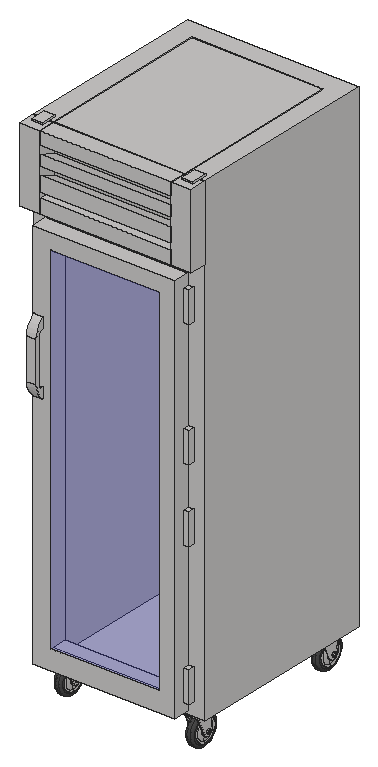
Revit family "QF_TRUE_STA1R-1G-HC", category Specialty Equipment, Revit 2017
Family settings
  Round Connector Dimension = Use Diameter
  Part Type = Normal
  Work Plane-Based = No
  Always vertical = Yes
  Cut with Voids When Loaded = No
  Shared = No
  Room Calculation Point = No
Parameters
  Weight in Pounds = 0
  Watts = if(Phase = 3, Volts * FL Amps * 1.73, Volts * FL Amps)  # 437 W
  Volts = 115 V
  URL Cutsheet = ""
  Specification by User = ""
  Specification by Manufacturer = ""
  Show Seismic Flange [instance] = no
  Show Legs [instance] = no
  Show Clearance [instance] = yes
  Show Casters [instance] = not(or(Show Legs, Show Seismic Flange))  # yes
  Serial Number = ""
  Seismic Rating = ""
  Seismic Flange [instance] = yes
  SMACNA No = ""
  Revision Code = ""
  Phase = 1
  Number of Poles = 1
  NAFEM Spec ID Number = ""
  Model = "STA1R-1G-HC"
  Min Ckt Ampacity = 0 A
  Max Overcurrent Protection = 0 A
  Masterspec = ""
  Manufacturer = "TRUE"
  Length = 27 1/2"
  Legs [instance] = yes
  Item Number = ""
  Installed By = ""
  Identify Quantity as Lot = yes
  Height [instance] = Body Height + Base Height  # 84.13097"
  HP = "1/4"
  Furnished By = ""
  Foodservice Equipment Identifier = yes
  FL Amps = 3.8 A
  Electrical Remarks = ""
  Electric Connection Type = ""
  Elec Conn RI Height = 0"
  Elec Conn Connection Height = 0"
  Description = "REACH-IN GLASS SWING DOOR REFRIGERATORS WITH HYDROCARBON REFRIGERANT"
  Depth = 33 3/4"
  Cycle = 60 Hz
  Conn Plug = "NEMA 5-15P"
  Conn Conduit = yes
  CSI MasterFormat = ""
  Body Height [instance] = 78.00597"
  Base Height [instance] = if(Show Casters, 6 1/8", if(Show Legs, 6", if(Show Seismic Flange, 6", 6 1/8")))  # 6 1/8"
  Apparent Power = if(Phase = 3, Volts * FL Amps * 1.73, Volts * FL Amps)  # 437 VA
Reference planes (in)
  plane 1 "BACK": y = 0
  plane 2: z = 0
  plane 3 "LEFT": x = 0
  plane 4 "RIGHT": x = 27.5
  plane 5 "FRONT": y = -33.75
  plane 6 "TOP": z = 6.125
  plane 7 "Center Y": x = 13.75
  plane 8 "Center X": y = -16.875
  plane 9: z = 84.13097
Dimensions and locks (in)
  equal spacing: plane 3 "LEFT", plane 7 "Center Y", plane 4 "RIGHT"
  "Length": plane 3 "LEFT" to plane 4 "RIGHT"
  equal spacing: plane 5 "FRONT", plane 8 "Center X", plane 1 "BACK"
  "Depth": plane 5 "FRONT" to plane 1 "BACK"
  "Base Height": plane 6 "TOP" to level
  "Body Height": plane 9 to plane 6 "TOP"
  plane 9 to plane 2 = 84.13097"
  aligned and locked: plane 2 to level
  aligned and locked: plane 6 "TOP" to nested 1
Nested families (in)
  nested 1: "STRA1R-1G-HC" at (0, 0, 0), Show Clearance <- "Show Clearance", type "STRA1R-1G-HC"
  nested 2: "6 INCHES 01_CASTER" at (3.17613, -28.92578, 0), Seismic Plate <- "Show Seismic Flange", Show 6" Casters <- "Show Casters", Show Legs <- "Show Legs", type "6 INCHES 01_CASTER"
    with Type Mark "", Status "", Specification by User "", Show Legs no, Show 6" Casters yes, Seismic Plate no, Revision Code "", Key Locks yes, Item Number "", Installed By "", Identify Quantity as Lot yes, Furnished By "", Foodservice Equipment Identifier yes
  nested 3: "6 INCHES 01_CASTER" at (3.17613, -3.70678, 0), Seismic Plate <- "Show Seismic Flange", Show 6" Casters <- "Show Casters", Show Legs <- "Show Legs", type "6 INCHES 01_CASTER"
    with Type Mark "", Status "", Specification by User "", Show Legs no, Show 6" Casters yes, Seismic Plate no, Revision Code "", Key Locks yes, Item Number "", Installed By "", Identify Quantity as Lot yes, Furnished By "", Foodservice Equipment Identifier yes
  nested 4: "6 INCHES 01_CASTER" at (24.32387, -28.92578, 0), Seismic Plate <- "Show Seismic Flange", Show 6" Casters <- "Show Casters", Show Legs <- "Show Legs", type "6 INCHES 01_CASTER"
    with Type Mark "", Status "", Specification by User "", Show Legs no, Show 6" Casters yes, Seismic Plate no, Revision Code "", Key Locks yes, Item Number "", Installed By "", Identify Quantity as Lot yes, Furnished By "", Foodservice Equipment Identifier yes
  nested 5: "6 INCHES 01_CASTER" at (24.32387, -3.70678, 0), Seismic Plate <- "Show Seismic Flange", Show 6" Casters <- "Show Casters", Show Legs <- "Show Legs", type "6 INCHES 01_CASTER"
    with Type Mark "", Status "", Specification by User "", Show Legs no, Show 6" Casters yes, Seismic Plate no, Revision Code "", Key Locks yes, Item Number "", Installed By "", Identify Quantity as Lot yes, Furnished By "", Foodservice Equipment Identifier yes
Connectors (in)
  electrical at (21.9001, 0.25, 82.52059), driven by "Volts", driven by "Watts"
    settings: on nested 1, index 1, voltage 115 V, apparent load 437 VA, apparent load phase1 0 VA, apparent load phase2 0 VA, apparent load phase3 0 VA, power factor 1, load classification "Other", number of poles 1, system type 30, power factor state 1, is connector primary yes, connector utility no, sub classification motor no, connector description "ELECTRICAL CONNECTION"
Definition of nested family "STRA1R-1G-HC"
  Parameters (values of type "STRA1R-1G-HC")
    Weight in Pounds = 0
    Watts = if(Phase = 3, Volts * FL Amps * 1.73, Volts * FL Amps)  # 1725 W
    Volts = 115 V
    URL Cutsheet = ""
    Specification by User = ""
    Specification by Manufacturer = ""
    Show Clearance [instance] = yes
    Serial Number = ""
    Seismic Rating = ""
    SMACNA No = ""
    Revision Code = ""
    Phase = 1
    Number of Poles = 1
    NAFEM Spec ID Number = ""
    Model = "STR1R-1G-HC"
    Min Ckt Ampacity = 0 A
    Max Overcurrent Protection = 0 A
    Masterspec = ""
    Manufacturer = "TRUE"
    Length = 27 1/2"
    Item Number = ""
    Installed By = ""
    Identify Quantity as Lot = yes
    Height = 84 1/8"
    HP = ""
    Furnished By = ""
    Foodservice Equipment Identifier = yes
    FL Amps = 15 A
    Electrical Remarks = ""
    Electric Connection Type = ""
    Elec Conn RI Height = 0"
    Elec Conn Connection Height = 0"
    Description = "REACH-IN GLASS SWING DOOR REFRIGERATORS WITH HYDROCARBON REFRIGERANT"
    Depth = 35 7/32"
    Cycle = 60 Hz
    Conn Plug = "NEMA 5-15P"
    Conn Conduit = yes
    CSI MasterFormat = ""
    Apparent Power = if(Phase = 3, Volts * FL Amps * 1.73, Volts * FL Amps)  # 1725 VA
  Reference planes (in)
    plane 1 "BACK": y = 0
    plane 2: z = 0
    plane 3 "LEFT": x = 0
    plane 4 "RIGHT": x = 27.5
    plane 5 "FRONT": y = -35.21875
    plane 6 "TOP": z = 84.125
    plane 7 "Center Y": x = 13.75
    plane 8 "Center X": y = -17.60937
    plane 9: z = 66.5625
    plane 10: z = 6.625
    plane 11: y = -33.75
    plane 12: y = -31
    plane 13: z = 83.875
    plane 14: z = 69.75
    plane 15: z = 6.125
  Forms (in)
    Extrusion 1, solid
      sketch origin (0, 0, 0) x (1, 0, 0) y (0, 1, 0)
        loop
          line (0, 0) -> (0, -31) -> (3.17613, -31) -> (3.17613, -3.17578) -> (24.32387, -3.17578) -> (24.32387, -31) -> (27.5, -31) -> (27.5, 0) -> (0, 0)
      from 6.125 to 83.875
    Extrusion 2, solid
      sketch origin (29.21234, -31, 0) x (-1, 0, 0) y (0, 0, -1)
        loop
          line (29.21234, -83.875) -> (29.21234, -71.875) -> (26.03622, -71.875) -> (26.03622, -83.875) -> (29.21234, -83.875)
        loop
          line (4.88847, -71.875) -> (1.71234, -71.875) -> (1.71234, -83.875) -> (4.88847, -83.875) -> (4.88847, -71.875)
      from 0 to 2.75
    Extrusion 3, solid
      sketch origin (3.17613, -31, 6.625) x (0, 0, 1) y (0, -1, 0)
        loop
          line (77.25, 2.75) -> (75.20836, 2.75) -> (74.08336, 0) -> (77.25, 0) -> (77.25, 2.75)
        loop
          line (67.53171, 2.75) -> (65.25, 2.75) -> (65.25, 0) -> (67.53171, 0) -> (67.53171, 2.75)
        loop
          line (68.40671, 2.75) -> (68.40671, 0) -> (69.65671, 0) -> (70.78171, 2.75) -> (68.40671, 2.75)
        loop
          line (72.15671, 2.75) -> (71.03171, 0) -> (72.78171, 0) -> (73.90671, 2.75) -> (72.15671, 2.75)
      from 0 to 21.14774
    Extrusion 4, solid
      sketch origin (29.21234, -31, 0) x (-1, 0, 0) y (0, 0, -1)
        loop
          line (27.21234, -6.625) -> (4.33734, -6.625) -> (4.33734, -69.75) -> (27.21234, -69.75) -> (27.21234, -6.625)
        loop
          line (24.22351, -67.33302) -> (24.22351, -9.83302) -> (6.72351, -9.83302) -> (6.72351, -67.33302) -> (24.22351, -67.33302)
      from 0 to 2.75
    Extrusion 5, solid
      sketch origin (3.17613, -31, 6.625) x (0, 0, 1) y (0, -1, 0)
        loop
          line (65.25, -2) -> (65.25, 0) -> (62.38889, 0) -> (62.38889, -2) -> (65.25, -2)
        loop
          line (-0.5, -27.82422) -> (0, -27.82422) -> (0, 0) -> (-0.5, 0) -> (-0.5, -27.82422)
        loop
          line (77.25, 0) -> (75.25, 0) -> (75.25, -27.82422) -> (77.25, -27.82422) -> (77.25, 0)
      from 0 to 21.14774
    Extrusion 6, solid
      sketch origin (29.21234, -31, 0) x (-1, 0, 0) y (0, 0, -1)
        loop
          line (24.22351, -67.33302) -> (24.22351, -9.83302) -> (6.72351, -9.83302) -> (6.72351, -67.33302) -> (24.22351, -67.33302)
      from 2.41111 to 2.75
    Extrusion 7, solid
      sketch origin (0, 0, 0) x (0, 1, 0) y (0, 0, 1)
        loop
          line (-33.75, 55.4683) -> (-33.75, 57.23014)
          arc (-33.75, 57.23014) -> (-34.78358, 56.04334) -> (-35.21875, 54.53092) r 3.6356
          line (-35.21875, 54.53092) -> (-35.21875, 48.02235)
          arc (-35.21875, 48.02235) -> (-34.78358, 46.50994) -> (-33.75, 45.32314) r 3.6356
          line (-33.75, 45.32314) -> (-33.75, 47.08498) -> (-34.26221, 47.08498)
          arc (-34.26221, 47.08498) -> (-34.46937, 47.17078) -> (-34.55518, 47.37795) r 0.29297
          line (-34.55518, 47.37795) -> (-34.55518, 55.17375)
          arc (-34.55518, 55.17375) -> (-34.46891, 55.38203) -> (-34.26063, 55.4683) r 0.29455
          line (-34.26063, 55.4683) -> (-33.75, 55.4683)
      from 2.2863 to 3.74581
    Extrusion 8, solid
      sketch origin (29.21234, -31, 0) x (-1, 0, 0) y (0, 0, -1)
        loop
          line (4.33734, -68.065) -> (4.33734, -63.065) -> (3.38847, -63.065) -> (3.38847, -68.065) -> (4.33734, -68.065)
        loop
          line (4.33734, -47.815) -> (4.33734, -42.815) -> (3.38847, -42.815) -> (3.38847, -47.815) -> (4.33734, -47.815)
        loop
          line (4.33734, -36.065) -> (4.33734, -31.065) -> (3.38847, -31.065) -> (3.38847, -36.065) -> (4.33734, -36.065)
        loop
          line (4.33734, -13.315) -> (4.33734, -8.315) -> (3.38847, -8.315) -> (3.38847, -13.315) -> (4.33734, -13.315)
      from 0 to 1
    Extrusion 9, solid
      sketch origin (0, 0, 0) x (1, 0, 0) y (0, 0, -1)
        loop
          circle (21.9001, -82.52059) r 0.75
      from 0 to 0.25
    Extrusion 10, solid
      sketch origin (24.32387, -31, 83.875) x (1, 0, 0) y (0, 1, 0)
        loop
          line (0.64046, 1.14875) -> (0.64046, -1.35125) -> (2.39046, -1.35125) -> (2.39046, 1.14875) -> (0.64046, 1.14875)
        loop
          line (-21.7882, 1.14875) -> (-23.5382, 1.14875) -> (-23.5382, -1.35125) -> (-21.7882, -1.35125) -> (-21.7882, 1.14875)
      from 0 to 0.25
    Extrusion 11, solid, visible <- "Show Clearance", detail levels coarse
      sketch origin (0, 1.46875, 0) x (1, 0, 0) y (0, 1, 0)
        loop
          arc (2, -35.21875) -> (9.33055, -50.38495) -> (24.875, -56.87498) r 23.74968
          line (24.875, -56.87498) -> (24.875, -35.21875) -> (2, -35.21875)
      from 69.75 to 6.625
  Lines and regions (in)
    symbolic lines
      curve 1: line (2.2863, -35.21875, 0) -> (2.2863, -33.75, 0)
      curve 2: line (2.2863, -35.21875, 0) -> (3.74581, -35.21875, 0)
      curve 3: line (3.74581, -35.21875, 0) -> (3.74581, -33.75, 0)
      curve 4: line (0, -33.75, 0) -> (27.5, -33.75, 0)
      curve 5: line (27.5, -33.75, 0) -> (27.5, 0, 0)
      curve 6: line (27.5, 0, 0) -> (0, 0, 0)
      curve 7: line (0, 0, 0) -> (0, -33.75, 0)
      curve 8: line (24.875, -33.75, 0) -> (5.83188, -44.74455, 0)
      curve 9: arc (2, -33.75, 0) -> (3.23175, -39.48573, 0) -> (5.83188, -44.74455, 0) r 23.74968
      curve 10: line (0.78567, -29.85125, 0) -> (2.53567, -29.85125, 0)
      curve 11: line (0.78567, -32.35125, 0) -> (0.78567, -29.85125, 0)
      curve 12: line (2.53567, -32.35125, 0) -> (0.78567, -32.35125, 0)
      curve 13: line (2.53567, -29.85125, 0) -> (2.53567, -32.35125, 0)
      curve 14: line (24.96433, -29.85125, 0) -> (26.71433, -29.85125, 0)
      curve 15: line (24.96433, -32.35125, 0) -> (24.96433, -29.85125, 0)
      curve 16: line (26.71433, -32.35125, 0) -> (24.96433, -32.35125, 0)
      curve 17: line (26.71433, -29.85125, 0) -> (26.71433, -32.35125, 0)
      curve 18: line (24.96433, -31.00634, 0) -> (2.53567, -31.00634, 0)
      curve 19: line (0, -31, 0) -> (0.78567, -31, 0)
      curve 20: line (27.5, -31, 0) -> (26.71433, -31, 0)
  Dimensions and locks (in)
    equal spacing: plane 3 "LEFT", plane 7 "Center Y", plane 4 "RIGHT"
    "Length": plane 3 "LEFT" to plane 4 "RIGHT"
    equal spacing: plane 5 "FRONT", plane 8 "Center X", plane 1 "BACK"
    "Depth": plane 5 "FRONT" to plane 1 "BACK"
    "Height": plane 6 "TOP" to level
    plane 4 "RIGHT" to plane 3 "LEFT" = 27 1/2"
    plane 9 to plane 10 = 59 15/16"
    plane 5 "FRONT" to plane 1 "BACK" = 35 7/32"
    plane 11 to plane 1 "BACK" = 33 3/4"
    plane 12 to plane 1 "BACK" = 31"
    plane 13 to plane 10 = 77 1/4"
    plane 6 "TOP" to plane 13 = 1/4"
    plane 6 "TOP" to plane 14 = 14 3/8"
    plane 15 to plane 2 = 6 1/8"
    aligned and locked: plane 2 to level
  Automatic sketch dimensions
    plane 1 "BACK" to Extrusion 1 sketch curve = 0"
    Extrusion 1 sketch curve to plane 3 "LEFT" = 0"
    Extrusion 1 sketch curve to plane 12 = 0"  (x2)
    Extrusion 1 sketch curve to plane 4 "RIGHT" = 0"
    plane 3 "LEFT" to Extrusion 1 sketch curve = 3.17613"
    plane 4 "RIGHT" to Extrusion 1 sketch curve = 3.17613"
    plane 1 "BACK" to Extrusion 1 sketch curve = 3 45/256"
    Extrusion 2 sketch curve to Extrusion 1 = 0"  (x4)
    Extrusion 1 to Extrusion 2 sketch curve = 21.14774"
    Extrusion 2 sketch curve to Extrusion 2 sketch curve = 3.17613"
    Extrusion 2 sketch curve to Extrusion 2 sketch curve = 12"  (x2)
    Extrusion 3 sketch curve to Extrusion 2 = 0"  (x10)
    Extrusion 2 to Extrusion 3 sketch curve = 2.28171"
    Extrusion 3 sketch curve to Extrusion 3 sketch curve = 7/8"
    Extrusion 3 sketch curve to Extrusion 3 sketch curve = 1 1/4"
    Extrusion 3 sketch curve to Extrusion 3 sketch curve = 2 3/8"
    Extrusion 3 sketch curve to Extrusion 3 sketch curve = 1 3/8"  (x2)
    Extrusion 3 sketch curve to Extrusion 3 sketch curve = 1 3/4"  (x2)
    Extrusion 3 sketch curve to Extrusion 3 sketch curve = 1.30166"  (x2)
    Extrusion 5 sketch curve to Extrusion 2 = 0"  (x4)
    Extrusion 2 to Extrusion 5 sketch curve = 0"
    Extrusion 5 sketch curve to Extrusion 2 = 2.86111"
    Extrusion 5 sketch curve to Extrusion 5 sketch curve = 62.38889"
    Extrusion 5 sketch curve to Extrusion 5 sketch curve = 1/2"
    Extrusion 5 sketch curve to Extrusion 2 = 2"
    Extrusion 5 sketch curve to Extrusion 5 sketch curve = 2"
    Extrusion 5 sketch curve to Extrusion 5 sketch curve = 27 211/256"  (x2)
    Extrusion 1 to Extrusion 6 sketch curve = 1.81271"
    Extrusion 1 to Extrusion 6 sketch curve = 16.54198"
    Extrusion 1 to Extrusion 6 sketch curve = 3.70802"
    Extrusion 6 sketch curve to Extrusion 6 sketch curve = 17 1/2"
    Extrusion 7 sketch curve to plane 5 "FRONT" = 0"
    Extrusion 7 sketch curve to plane 11 = 0"  (x2)
    Extrusion 7 sketch curve to plane 5 "FRONT" = 0.66357"
    Extrusion 7 sketch curve to Extrusion 7 sketch curve = 0.29455"
    Extrusion 7 sketch curve to plane 11 = 0.51221"
    Extrusion 7 sketch curve to plane 12 = 0.59013"  (x2)
    Extrusion 7 sketch curve to plane 9 = 21.23936"
    Extrusion 7 sketch curve to Extrusion 7 sketch curve = 1.76184"
    Extrusion 7 sketch curve to Extrusion 7 sketch curve = 0.64441"
    Extrusion 7 sketch curve to Extrusion 7 sketch curve = 6.05804"
    Extrusion 7 sketch curve to Extrusion 7 sketch curve = 0.22526"
    Extrusion 7 sketch curve to Extrusion 7 sketch curve = 0.64282"
    Extrusion 8 sketch curve to Extrusion 1 = 1 1/2"  (x4)
    Extrusion 8 sketch curve to Extrusion 1 = 0.55113"  (x4)
    Extrusion 1 to Extrusion 8 sketch curve = 15.81"
    Extrusion 8 sketch curve to Extrusion 8 sketch curve = 5"  (x3)
    Extrusion 8 sketch curve to Extrusion 8 sketch curve = 15 1/4"
    Extrusion 8 sketch curve to Extrusion 8 sketch curve = 6 3/4"
    Extrusion 1 to Extrusion 8 sketch curve = 7.19"
    Extrusion 1 to Extrusion 8 sketch curve = 2.19"
    Extrusion 1 to Extrusion 9 sketch curve = 1.35441"
    Extrusion 9 sketch curve to Extrusion 1 = 5.5999"
    Extrusion 10 sketch curve to Extrusion 2 = 1.14875"  (x2)
    Extrusion 10 sketch curve to Extrusion 2 = 23.5382"
    Extrusion 10 sketch curve to Extrusion 10 sketch curve = 1 3/4"
    Extrusion 2 to Extrusion 10 sketch curve = 0.64046"
    Extrusion 2 to Extrusion 10 sketch curve = 0.78567"
    Extrusion 2 to Extrusion 10 sketch curve = 1.35125"  (x2)
    Extrusion 11 sketch curve to plane 5 "FRONT" = 1 15/32"
    plane 11 to Extrusion 11 sketch curve = 2.08052"
    plane 4 "RIGHT" to Extrusion 11 sketch curve = 1.84162"
    Extrusion 11 sketch curve to Extrusion 11 sketch curve = 0.78338"
    plane 3 "LEFT" to Extrusion 11 sketch curve = 2"
    curve 19 to plane 3 "LEFT" = 0"
    curve 19 to plane 12 = 0"
    curve 9 to plane 11 = 0"
    plane 5 "FRONT" to curve 2 = 0"
    curve 20 to plane 12 = 0"
    plane 1 "BACK" to curve 6 = 0"
    curve 20 to plane 4 "RIGHT" = 0"
    plane 3 "LEFT" to curve 11 = 0.78567"
    plane 3 "LEFT" to curve 2 = 2.2863"
    curve 1 to curve 13 = 0.24937"
    curve 1 to curve 2 = 1.45951"
    plane 3 "LEFT" to curve 8 = 5.83188"
    plane 4 "RIGHT" to curve 16 = 2.53567"
    curve 18 to curve 9 = 0.69405"
    plane 5 "FRONT" to curve 8 = 9.5258"
    curve 11 to plane 12 = 1.35125"
    curve 16 to plane 12 = 1.35125"
    curve 9 to plane 12 = 0.66948"
    curve 20 to curve 14 = 1.14875"
    plane 12 to curve 13 = 1.14875"
    curve 8 to curve 15 = 0.08933"
    plane 4 "RIGHT" to curve 20 = 0.78567"
    curve 18 to plane 12 = 0.00634"
    Extrusion 1 to Extrusion 4 sketch curve = 1/2"
    Extrusion 1 to Extrusion 4 sketch curve = 21.69887"
    Extrusion 4 sketch curve to Extrusion 4 sketch curve = 2.38616"
    Extrusion 1 to Extrusion 4 sketch curve = 1.81271"
    Extrusion 4 sketch curve to Extrusion 1 = 1.17613"
    Extrusion 1 to Extrusion 4 sketch curve = 3.70802"
    Extrusion 1 to Extrusion 4 sketch curve = 16.54198"
    Extrusion 4 sketch curve to Extrusion 4 sketch curve = 2.41698"
    radius of Extrusion 9 sketch curve = 3/4"
  Connectors (in)
    electrical at (21.9001, 0.25, 82.52059), driven by "Volts", driven by "Watts"
      settings: on Extrusion 9, index 1, voltage 115 V, apparent load 1725 VA, apparent load phase1 0 VA, apparent load phase2 0 VA, apparent load phase3 0 VA, power factor 1, load classification none, number of poles 1, system type 30, power factor state 1, is connector primary yes, connector utility no, sub classification motor no, connector description "ELECTRICAL CONNECTION"
Definition of nested family "6 INCHES 01_CASTER"
  Parameters (values of type "6 INCHES 01_CASTER")
    Weight = ""
    URL Manufacturer = ""
    URL Cutsheet = ""
    URL = ""
    Type Mark [instance] = ""
    Status [instance] = ""
    Specification by User [instance] = ""
    Specification by Manufacturer = ""
    Show Legs [instance] = yes
    Show 6" Casters [instance] = yes
    Serial Number = ""
    Seismic Rating = ""
    Seismic Plate [instance] = yes
    SMACNA No = ""
    Revision Code [instance] = ""
    Omniclass Number and Title = ""
    NAFEM Spec ID Number = ""
    Model = ""
    MasterSpec. = ""
    Manufacturer = ""
    Key Locks [instance] = yes
    Item Number [instance] = ""
    Installed By [instance] = ""
    Identify Quantity as Lot [instance] = yes
    Furnished By [instance] = ""
    Foodservice Equipment Identifier [instance] = yes
    Description = ""
    CSI MasterFormat = ""
    CSI Master Format = ""
    Assembly Code = ""
  Reference planes (in)
    plane 1: z = 0
    plane 2 "RIGHT": x = 0
    plane 3 "FRONT": y = 0
    plane 4 "TOP": z = 6.125
    plane 5: z = 6
  Forms (in)
    Revolve 1, solid, visible <- "Show 6" Casters"
      sketch origin (0, 2.21793, 0) x (0, 1, 0) y (0, 0, 1)
        loop
          line (-2.21793, 6.125) -> (-2.21793, 5.55584) -> (-0.93693, 5.55584) -> (-0.93693, 6.125) -> (-2.21793, 6.125)
        axis (-2.21793, 5.55584) -> (-2.21793, 6.125)
      angle from 0 to 360
    Extrusion 2, solid, visible <- "Show 6" Casters"
      sketch origin (-1.81294, 2.21793, 0) x (0, 1, 0) y (0, 0, 1)
        loop
          line (-3.37793, 5.55584) -> (-3.37793, 5.25584) -> (-3.23369, 5.25584)
          arc (-3.23369, 5.25584) -> (-3.1238, 5.20977) -> (-3.03725, 5.12786) r 0.33195
          line (-3.03725, 5.12786) -> (-1.55521, 1.94961)
          arc (-1.55521, 1.94961) -> (-0.54268, 1.81523) -> (-0.22336, 2.78544) r 0.8
          arc (-0.22336, 2.78544) -> (-0.27816, 2.89808) -> (-0.34988, 3.00079) r 0.8
          arc (-0.34988, 3.00079) -> (-0.37005, 3.3613) -> (-0.26088, 3.70547) r 1
          line (-0.26088, 3.70547) -> (0.31507, 4.78867)
          arc (0.31507, 4.78867) -> (-0.09241, 4.97284) -> (-0.5252, 5.08531) r 2.63
          line (-0.5252, 5.08531) -> (-0.54193, 5.25584) -> (-1.05793, 5.25584) -> (-1.05793, 5.55584) -> (-3.37793, 5.55584)
      from 0.78968 to 0.90247
    Extrusion 3, solid, visible <- "Show 6" Casters"
      sketch origin (0.13094, 2.21793, 0) x (0, 1, 0) y (0, 0, 1)
        loop
          line (-3.37793, 5.55584) -> (-3.37793, 5.25584) -> (-3.23369, 5.25584)
          arc (-3.23369, 5.25584) -> (-3.1238, 5.20977) -> (-3.03725, 5.12786) r 0.33195
          line (-3.03725, 5.12786) -> (-1.55521, 1.94961)
          arc (-1.55521, 1.94961) -> (-0.54268, 1.81523) -> (-0.22336, 2.78544) r 0.8
          arc (-0.22336, 2.78544) -> (-0.27816, 2.89808) -> (-0.34988, 3.00079) r 0.8
          arc (-0.34988, 3.00079) -> (-0.37005, 3.3613) -> (-0.26088, 3.70547) r 1
          line (-0.26088, 3.70547) -> (0.31507, 4.78867)
          arc (0.31507, 4.78867) -> (-0.09241, 4.97284) -> (-0.5252, 5.08531) r 2.63
          line (-0.5252, 5.08531) -> (-0.54193, 5.25584) -> (-1.05793, 5.25584) -> (-1.05793, 5.55584) -> (-3.37793, 5.55584)
      from 0.78968 to 0.90247
    Extrusion 4, solid, visible <- "Show 6" Casters"
      sketch origin (-1.93794, 2.21793, 0) x (0, 1, 0) y (0, 0, 1)
        loop
          line (-3.37793, 5.55584) -> (-3.37793, 5.25584) -> (-3.23369, 5.25584) -> (-0.7432, 5.03796) -> (0.2811, 4.72479) -> (0.31507, 4.78867)
          arc (0.31507, 4.78867) -> (-0.09241, 4.97284) -> (-0.5252, 5.08531) r 2.63
          line (-0.5252, 5.08531) -> (-0.54193, 5.25584) -> (-1.05793, 5.25584) -> (-1.05793, 5.55584) -> (-3.37793, 5.55584)
      from 1.02747 to 2.85669
    Revolve 5, solid, visible <- "Show 6" Casters"
      sketch origin (-1.93794, 1.21343, 0) x (1, 0, 0) y (0, 0, 1)
        loop
          line (0.5843, 2.5041) -> (3.2907, 2.5041) -> (3.2907, 2.6421) -> (3.2407, 2.6921) -> (3.1807, 2.6921) -> (3.1807, 2.8278) -> (2.7025, 2.8278) -> (2.7025, 3.22009) -> (2.5625, 3.30092) -> (2.42847, 4.1291) -> (2.59375, 4.1291) -> (2.59375, 4.3791) -> (2.5625, 4.3791) -> (2.5625, 4.6291)
          arc (2.5625, 4.6291) -> (2.45267, 4.89426) -> (2.1875, 5.0041) r 0.375
          line (2.1875, 5.0041) -> (1.6875, 5.0041)
          arc (1.6875, 5.0041) -> (1.42233, 4.89426) -> (1.3125, 4.6291) r 0.375
          line (1.3125, 4.6291) -> (1.3125, 4.3791) -> (1.28125, 4.3791) -> (1.28125, 4.1291) -> (1.44653, 4.1291) -> (1.31307, 3.30443) -> (1.1725, 3.22327) -> (1.1725, 2.8278) -> (0.6943, 2.8278) -> (0.6943, 2.6921) -> (0.6343, 2.6921) -> (0.5843, 2.6421) -> (0.5843, 2.5041)
        axis (0.5843, 2.5041) -> (3.2907, 2.5041)
      angle from 0 to 360
    Revolve 6, solid, visible <- "Show Legs"
      sketch origin (11.12172, 0, 0) x (-1, 0, 0) y (0, 0, -1)
        loop
          line (11.12172, -6) -> (11.12172, 0) -> (10.62172, 0) -> (10.62172, -1.30261) -> (10.37172, -1.30261) -> (10.37172, -6) -> (11.12172, -6)
        axis (11.12172, 0) -> (11.12172, -6)
      angle from 0 to 360
    Extrusion 7, solid, visible <- "Seismic Plate"
      sketch origin (-3.06916, 1.69416, 0) x (1, 0, 0) y (0, 1, 0)
        loop
          circle (3.06916, -1.69416) r 1.5
      from 0 to 0.25
    Revolve 8, solid, visible <- "Seismic Plate"
      sketch origin (11.12172, 0, 0) x (-1, 0, 0) y (0, 0, -1)
        loop
          line (11.12172, -6) -> (11.12172, 0) -> (10.62172, 0) -> (10.62172, -1.30261) -> (10.37172, -1.30261) -> (10.37172, -6) -> (11.12172, -6)
        axis (11.12172, 0) -> (11.12172, -6)
      angle from 0 to 360
  Cuts and joins
    joined: Extrusion 2, Extrusion 3, Extrusion 4
  Lines and regions (in)
    symbolic lines, visible <- "Show 6" Casters"
      curve 1: line (0.70901, 2.6399, 0) -> (1.79507, 2.01286, 0)
      curve 2: line (-1.79099, -1.69023, 0) -> (-0.91599, -0.17468, 0)
      curve 3: line (-0.70493, -2.31727, 0) -> (-1.79099, -1.69023, 0)
      curve 4: line (1.79507, 2.01286, 0) -> (0.92007, 0.49732, 0)
      curve 5: line (-0.16599, 1.12436, 0) -> (0.70901, 2.6399, 0)
      curve 6: line (0.17007, -0.80172, 0) -> (-0.70493, -2.31727, 0)
  Dimensions and locks (in)
    plane 4 "TOP" to level = 6 1/8"  (x2)
    Revolve 5 sketch curve to Revolve 5 sketch curve = 2 1/2"
    locked: Revolve 6 sketch curve to Revolve 6 sketch curve at 1.30261
    locked: Revolve 6 sketch curve to Revolve 6 sketch curve at 0.75
    locked: Revolve 8 sketch curve to Revolve 8 sketch curve at 1.30261
    locked: Revolve 8 sketch curve to Revolve 8 sketch curve at 0.75
    plane 5 to plane 1 = 6"
    aligned and locked: level to plane 1
